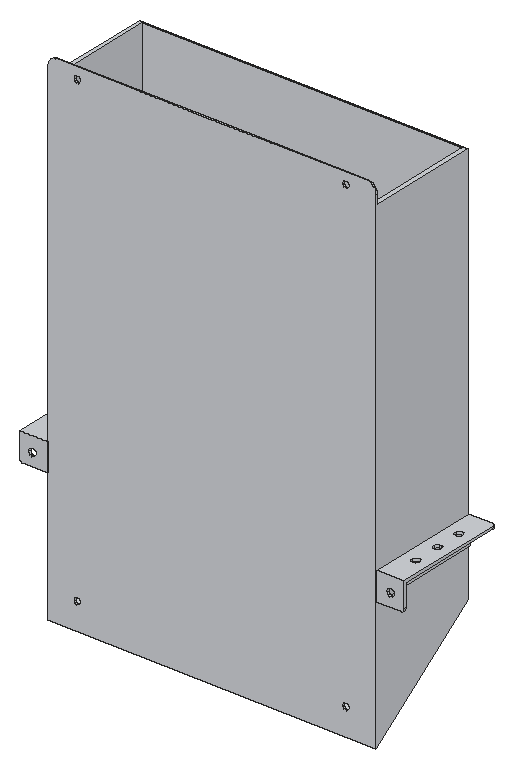
Revit family "AX9006E_0019", category Appareils sanitaires, Revit 2016
Family settings
  Hôte = Mur
  Type d'élément = Normal
  Cote de connecteur circulaire = Utiliser le diamètre
  Numéro OmniClass = 23.75.00.00
  Titre OmniClass = Climate Control (HVAC)
  Toujours verticalement = Oui
  Couper avec des vides une fois chargée = Non
  Partagée = Non
  Point de calcul de pièce = Non
Parameters (values of type "Type 1")
  URL = "http://www.axeuro.com/fr/distributeurs-d-essuie-mains/24429-distributeur-d-essuie-mains-ax9006e.html?search_query=ax9006e&results=1"
  Modèle = "AX9006E"  # constant formula
  Matériaux = "En inox 304 (18/10) Bactériostatique"  # constant formula
  Finition = "Brossé Poli Satiné HyperPolish"  # constant formula
  Fabricant = "Axeuro"  # constant formula
  Description = "Distributeur d'essuie-mains encastré"  # constant formula
Reference planes
  plane 1 "Mur": y = 0
  plane 2 "Centre (gauche/droite)": x = 0
  plane 3 "Arrière": y = 75
Forms (mm)
  Extrusion 1, solid
    sketch origin (0, 0, 0) x (0, 1, 0) y (0, 0, 1)
      loop
        line (75, 2246.83) -> (75, 1813.83) -> (176.991, 1887.297) -> (176.991, 2246.83) -> (75, 2246.83)
    from -145.998 to 145.998
  Extrusion 2, solid
    sketch origin (0, 75, -2) x (1, 0, 0) y (0, 0, 1)
      loop
        line (145.998, 2248.83) -> (145.998, 2257.744)
        arc (145.998, 2257.744) -> (143.354, 2263.496) -> (137.474, 2265.844) r 8.535
        line (137.474, 2265.844) -> (0, 2265.844) -> (-137.474, 2265.844)
        arc (-137.474, 2265.844) -> (-143.354, 2263.496) -> (-145.998, 2257.744) r 8.535
        line (-145.998, 2257.744) -> (-145.998, 2248.83) -> (0, 2248.83) -> (145.998, 2248.83)
    from -0.975 to 0
  Extrusion 3, void
    sketch origin (85.292, 75, -30.37) x (1, 0, 0) y (0, 0, 1)
      loop
        circle (34.208, 2284.2) r 3
    from -0.975 to 0
  Extrusion 4, void
    sketch origin (-85.292, 75, -30.37) x (-1, 0, 0) y (0, 0, -1)
      loop
        circle (34.208, -2284.2) r 3
    from -0.975 to 0
  Extrusion 5, solid
    sketch origin (-1973.592, 46.604, 2101.837) x (0, 0, -1) y (1, 0, 0)
      loop
        line (145.998, 2144.59) -> (145.998, 2119.59) -> (170.998, 2119.59) -> (170.998, 2141.699)
        arc (170.998, 2141.699) -> (170.151, 2143.743) -> (168.107, 2144.59) r 2.891
        line (168.107, 2144.59) -> (145.998, 2144.59)
    from -29.789 to -28.396
  Extrusion 6, solid
    sketch origin (-1973.592, -27.77, 2101.837) x (0, 0, -1) y (0, 1, 0)
      loop
        line (145.998, 102.77) -> (170.998, 102.77) -> (170.998, 204.761) -> (145.998, 204.761) -> (145.998, 102.77)
    from 2119.59 to 2121.266
  Extrusion 7, solid
    sketch origin (0, -27.77, -165.427) x (1, 0, 0) y (0, 1, 0)
      loop
        line (145.998, 102.77) -> (170.998, 102.77) -> (170.998, 200.846)
        arc (170.998, 200.846) -> (169.851, 203.614) -> (167.083, 204.761) r 3.915
        line (167.083, 204.761) -> (145.998, 204.761) -> (145.998, 102.77)
    from 2119.59 to 2121.266
  Extrusion 8, solid, not visible
    sketch origin (0, 74.375, 0) x (1, 0, 0) y (0, 0, 1)
      loop
        line (145.998, 2144.59) -> (145.998, 2119.59) -> (170.998, 2119.59) -> (170.998, 2141.699)
        arc (170.998, 2141.699) -> (170.151, 2143.743) -> (168.107, 2144.59) r 2.891
        line (168.107, 2144.59) -> (145.998, 2144.59)
    from -29.789 to -28.396
  Extrusion 9, solid, not visible
    sketch origin (0, 0, 0) x (1, 0, 0) y (0, 1, 0)
      loop
        line (145.998, 102.77) -> (170.998, 102.77) -> (170.998, 204.396) -> (145.998, 204.396) -> (145.998, 102.77)
    from 2119.59 to 2121.266
  Extrusion 10, solid, not visible
    sketch origin (2267.264, 0, 1973.592) x (0, 0, 1) y (0, 1, 0)
      loop
        line (145.998, 102.77) -> (170.998, 102.77) -> (170.998, 200.846)
        arc (170.998, 200.846) -> (169.644, 203.529) -> (166.767, 204.396) r 3.809
        line (166.767, 204.396) -> (145.998, 204.396) -> (145.998, 102.77)
    from 2119.59 to 2121.266
  Extrusion 11, solid, not visible
    sketch origin (0, 46.604, 0) x (1, 0, 0) y (0, 0, 1)
      loop
        line (145.998, 2144.59) -> (145.998, 2119.59) -> (170.998, 2119.59) -> (170.998, 2141.699)
        arc (170.998, 2141.699) -> (170.151, 2143.743) -> (168.107, 2144.59) r 2.891
        line (168.107, 2144.59) -> (145.998, 2144.59)
    from -29.789 to -28.396
  Extrusion 12, solid, not visible
    sketch origin (0, -27.77, 0) x (1, 0, 0) y (0, 1, 0)
      loop
        line (145.998, 102.77) -> (170.998, 102.77) -> (170.998, 204.761) -> (145.998, 204.761) -> (145.998, 102.77)
    from 2119.59 to 2121.266
  Extrusion 13, solid, not visible
    sketch origin (2267.264, -27.77, 1973.592) x (0, 0, 1) y (0, 1, 0)
      loop
        line (145.998, 102.77) -> (170.998, 102.77) -> (170.998, 200.846)
        arc (170.998, 200.846) -> (169.851, 203.614) -> (167.083, 204.761) r 3.915
        line (167.083, 204.761) -> (145.998, 204.761) -> (145.998, 102.77)
    from 2119.59 to 2121.266
  Extrusion 14, void
    sketch origin (0, 75, 0) x (1, 0, 0) y (0, 0, 1)
      loop
        circle (159.336, 1942.501) r 3.5
    from -1.393 to 0
  Extrusion 15, void
    sketch origin (-6.866, 0, 0) x (1, 0, 0) y (0, 1, 0)
      loop
        circle (166.202, 102.577) r 3.5
    from 1954.163 to 1955.839
  Extrusion 16, void
    sketch origin (-6.866, 24.115, 0) x (1, 0, 0) y (0, 1, 0)
      loop
        circle (166.202, 102.577) r 3.5
    from 1954.163 to 1955.839
  Extrusion 17, void
    sketch origin (-6.866, 253.384, 0) x (1, 0, 0) y (0, 1, 0)
      loop
        circle (166.202, -102.577) r 3.5
    from 1954.163 to 1955.839
  Extrusion 18, solid, not visible
    sketch origin (-1973.592, 46.604, 2101.837) x (0, 0, -1) y (1, 0, 0)
      loop
        line (145.998, 2144.59) -> (145.998, 2119.59) -> (170.998, 2119.59) -> (170.998, 2141.699)
        arc (170.998, 2141.699) -> (170.151, 2143.743) -> (168.107, 2144.59) r 2.891
        line (168.107, 2144.59) -> (145.998, 2144.59)
    from -29.789 to -28.396
  Extrusion 19, solid, not visible
    sketch origin (-1973.592, -27.77, 2101.837) x (0, 0, -1) y (0, 1, 0)
      loop
        line (145.998, 102.77) -> (170.998, 102.77) -> (170.998, 204.761) -> (145.998, 204.761) -> (145.998, 102.77)
    from 2119.59 to 2121.266
  Extrusion 20, solid, not visible
    sketch origin (0, -27.77, -165.427) x (1, 0, 0) y (0, 1, 0)
      loop
        line (145.998, 102.77) -> (170.998, 102.77) -> (170.998, 200.846)
        arc (170.998, 200.846) -> (169.851, 203.614) -> (167.083, 204.761) r 3.915
        line (167.083, 204.761) -> (145.998, 204.761) -> (145.998, 102.77)
    from 2119.59 to 2121.266
  Extrusion 21, void, not visible
    sketch origin (0, 75, 0) x (1, 0, 0) y (0, 0, 1)
      loop
        circle (159.336, 1942.501) r 3.5
    from -1.393 to 0
  Extrusion 22, void, not visible
    sketch origin (-6.866, 0, 0) x (1, 0, 0) y (0, 1, 0)
      loop
        circle (166.202, 102.577) r 3.5
    from 1954.163 to 1955.839
  Extrusion 23, void, not visible
    sketch origin (-6.866, 24.115, 0) x (1, 0, 0) y (0, 1, 0)
      loop
        circle (166.202, 102.577) r 3.5
    from 1954.163 to 1955.839
  Extrusion 24, void, not visible
    sketch origin (-6.866, 253.384, 0) x (1, 0, 0) y (0, 1, 0)
      loop
        circle (166.202, -102.577) r 3.5
    from 1954.163 to 1955.839
  Extrusion 25, solid
    sketch origin (1973.592, 27.77, 2101.837) x (0, 0, -1) y (0, -1, 0)
      loop
        line (145.998, -47.23) -> (145.998, -149.22) -> (170.998, -149.22) -> (170.998, -47.23) -> (145.998, -47.23)
    from 2119.59 to 2121.266
  Extrusion 26, solid
    sketch origin (0, 27.77, -165.427) x (-1, 0, 0) y (0, -1, 0)
      loop
        line (145.998, -47.23) -> (145.998, -149.22) -> (167.083, -149.22)
        arc (167.083, -149.22) -> (169.851, -148.074) -> (170.998, -145.305) r 3.915
        line (170.998, -145.305) -> (170.998, -47.23) -> (145.998, -47.23)
    from 2119.59 to 2121.266
  Extrusion 27, void
    sketch origin (0, -75, 0) x (-1, 0, 0) y (0, 0, 1)
      loop
        circle (159.336, 1942.501) r 3.5
    from 0 to 1.393
  Extrusion 28, void
    sketch origin (6.866, 0, 0) x (-1, 0, 0) y (0, -1, 0)
      loop
        circle (166.202, -102.577) r 3.5
    from 1954.163 to 1955.839
  Extrusion 29, void
    sketch origin (6.866, -24.115, 0) x (-1, 0, 0) y (0, -1, 0)
      loop
        circle (166.202, -150.807) r 3.5
    from 1954.163 to 1955.839
  Extrusion 30, void
    sketch origin (6.866, -253.384, 0) x (-1, 0, 0) y (0, -1, 0)
      loop
        circle (166.202, -404.191) r 3.5
    from 1954.163 to 1955.839
  Extrusion 31, solid
    sketch origin (1973.592, 46.604, 2101.837) x (0, 0, -1) y (1, 0, 0)
      loop
        line (145.998, -2144.59) -> (168.107, -2144.59)
        arc (168.107, -2144.59) -> (170.151, -2143.743) -> (170.998, -2141.699) r 2.891
        line (170.998, -2141.699) -> (170.998, -2119.59) -> (145.998, -2119.59) -> (145.998, -2144.59)
    from -29.789 to -28.396
  Extrusion 32, void
    sketch origin (0, 3.922, 0) x (1, 0, 0) y (0, 1, 0)
      loop
        line (0, 103.067) -> (109.732, 110.74)
        arc (109.732, 110.74) -> (121.068, 122.076) -> (109.732, 133.411) r 11.336
        line (109.732, 133.411) -> (64.732, 133.411)
        arc (64.732, 133.411) -> (0, 157.085) -> (-64.732, 133.411) r 100.337
        line (-64.732, 133.411) -> (-109.732, 133.411)
        arc (-109.732, 133.411) -> (-121.068, 122.076) -> (-109.732, 110.74) r 11.336
        line (-109.732, 110.74) -> (0, 103.067)
    from 1788.797 to 2119.59
  Extrusion 33, void
    sketch origin (85.292, 75, -446.37) x (1, 0, 0) y (0, 0, 1)
      loop
        circle (34.208, 2284.2) r 3
    from -0.975 to 0
  Extrusion 34, void
    sketch origin (-85.292, 75, -446.37) x (-1, 0, 0) y (0, 0, -1)
      loop
        circle (34.208, -2284.2) r 3
    from -0.975 to 0
  Extrusion 35, void
    sketch origin (0, 0, 0) x (0, 1, 0) y (0, 0, 1)
      loop
        line (75.975, 2247.097) -> (75.975, 1816.511) -> (175.232, 1888.626) -> (175.232, 2247.097) -> (75.975, 2247.097)
    from -142.75 to 142.293
Cuts and joins
  Extrusion 32, Extrusion 33, Extrusion 34, Extrusion 35 cuts Extrusion 1
  Extrusion 3, Extrusion 4, Extrusion 33, Extrusion 34 cuts Extrusion 2
  joined: Extrusion 1, Extrusion 2
  Extrusion 14, Extrusion 15, Extrusion 16, Extrusion 17, Extrusion 27, Extrusion 28, Extrusion 29, Extrusion 30, Extrusion 35 cuts Extrusion 5
  Extrusion 14, Extrusion 15, Extrusion 16, Extrusion 17, Extrusion 27, Extrusion 28, Extrusion 29, Extrusion 30, Extrusion 35 cuts Extrusion 6
  Extrusion 14, Extrusion 15, Extrusion 16, Extrusion 17, Extrusion 27, Extrusion 28, Extrusion 29, Extrusion 30, Extrusion 35 cuts Extrusion 7
  joined: Extrusion 5, Extrusion 6, Extrusion 7
  Extrusion 28, Extrusion 29, Extrusion 30 cuts Extrusion 26
  Extrusion 27 cuts Extrusion 31
  joined: Extrusion 25, Extrusion 26, Extrusion 31
Lines and regions (mm)
  reference lines
    curve 1: line (72.785, 75, 2263.844) -> (39.32, 75, 2263.844)
    curve 2: line (167.293, 75, 2119.59) -> (167.293, 75, 2121.266)
    curve 3: line (116.5, 0, 1837.83) -> (122.5, 0, 1837.83)
Text (mm)
  text "Côté de la mise en place" at (-1820.995, 1116.779, 0), in view "Niveau de réf."
  text "Côté de la mise en place" at (0, 1334.055, 2976.191), in view "Gauche"
  text "Côté de la mise en place" at (0, 439.194, 2944.362), in view "Droite"
Dimensions and locks
  locked: plane 3 "Arrière" to host wall
  aligned and locked: plane 1 "Mur" to host wall
